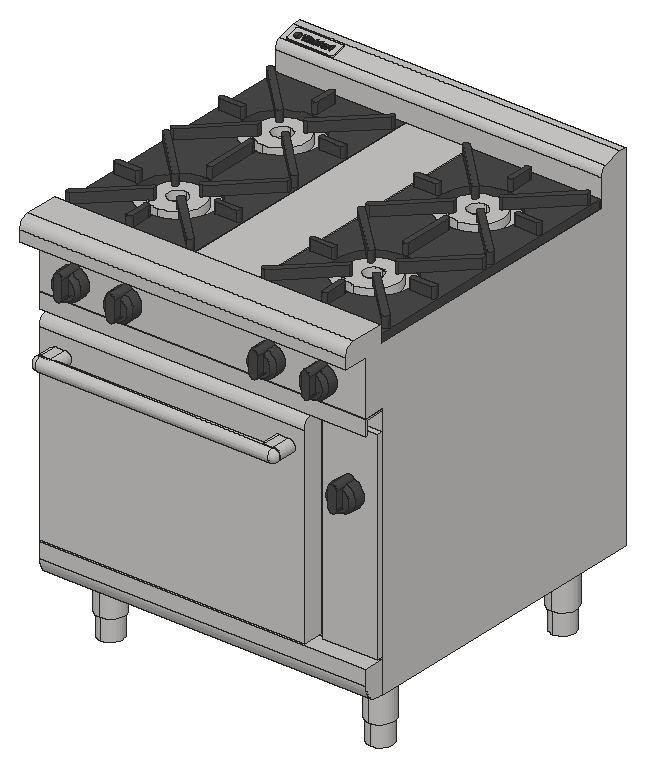
Revit family "QF_MOFFAT WALDORF_RNL8510G", category Specialty Equipment, Revit 2012 (continued)
Lines and regions (mm)
  symbolic lines
    curve 168: arc (327.576, -617.037, 0) -> (319.576, -625.037, 0) -> (327.576, -633.037, 0) r 8
    curve 169: arc (375, -633.037, 0) -> (383, -625.037, 0) -> (375, -617.037, 0) r 8
    curve 170: arc (375, -617.037, 0) -> (367, -625.037, 0) -> (375, -633.037, 0) r 8
    curve 171: arc (422.424, -633.037, 0) -> (430.424, -625.037, 0) -> (422.424, -617.037, 0) r 8
    curve 172: arc (422.424, -617.037, 0) -> (414.424, -625.037, 0) -> (422.424, -633.037, 0) r 8
    curve 173: arc (327.576, -667.037, 0) -> (335.576, -659.037, 0) -> (327.576, -651.037, 0) r 8
    curve 174: arc (327.576, -651.037, 0) -> (319.576, -659.037, 0) -> (327.576, -667.037, 0) r 8
    curve 175: arc (375, -667.037, 0) -> (383, -659.037, 0) -> (375, -651.037, 0) r 8
    curve 176: arc (375, -651.037, 0) -> (367, -659.037, 0) -> (375, -667.037, 0) r 8
    curve 177: arc (422.424, -667.037, 0) -> (430.424, -659.037, 0) -> (422.424, -651.037, 0) r 8
    curve 178: arc (422.424, -651.037, 0) -> (414.424, -659.037, 0) -> (422.424, -667.037, 0) r 8
    curve 179: arc (600, -180.5, 0) -> (657, -237.5, 0) -> (600, -294.5, 0) r 57
    curve 180: arc (600, -294.5, 0) -> (543, -237.5, 0) -> (600, -180.5, 0) r 57
    curve 181: arc (600, -480.5, 0) -> (657, -537.5, 0) -> (600, -594.5, 0) r 57
    curve 182: arc (600, -594.5, 0) -> (543, -537.5, 0) -> (600, -480.5, 0) r 57
    curve 183: line (744.158, -93.966, 0) -> (628.964, -209.16, 0)
    curve 184: line (600.012, -91.33, 0) -> (600.012, -152.5, 0)
    curve 185: line (745.74, -237.366, 0) -> (685.74, -237.366, 0)
    curve 186: line (628.879, -265.113, 0) -> (743.415, -379.648, 0)
    curve 187: line (572.204, -265.64, 0) -> (462.603, -375.241, 0)
    curve 188: line (600.012, -322.5, 0) -> (600.012, -440.603, 0)
    curve 189: line (573.212, -209.684, 0) -> (463.528, -100, 0)
    curve 190: line (744.158, -681.034, 0) -> (628.964, -565.84, 0)
    curve 191: line (599.967, -683.67, 0) -> (599.967, -622.768, 0)
    curve 192: line (745.74, -537.634, 0) -> (685.74, -537.634, 0)
    curve 193: line (628.879, -509.887, 0) -> (743.415, -395.352, 0)
    curve 194: line (572.204, -509.36, 0) -> (465.344, -402.5, 0)
    curve 195: line (573.212, -565.316, 0) -> (463.611, -674.918, 0)
    curve 196: line (750, -387.5, 0) -> (450, -387.5, 0)
    curve 197: line (454.26, -237.366, 0) -> (514.26, -237.366, 0)
    curve 198: line (454.26, -537.634, 0) -> (514.26, -537.634, 0)
    curve 199: line (295.74, -237.366, 0) -> (235.74, -237.366, 0)
    curve 200: line (295.74, -537.634, 0) -> (235.74, -537.634, 0)
    curve 201: line (474.77, -20.984, 0) -> (454.77, -20.984, 0)
    curve 202: line (454.77, -20.984, 0) -> (454.77, -50.782, 0)
    curve 203: line (454.77, -50.782, 0) -> (474.77, -50.782, 0)
    curve 204: line (474.77, -50.782, 0) -> (474.77, -20.984, 0)
    curve 205: line (502.399, -20.984, 0) -> (482.399, -20.984, 0)
    curve 206: line (482.399, -20.984, 0) -> (482.399, -50.782, 0)
    curve 207: line (482.399, -50.782, 0) -> (502.399, -50.782, 0)
    curve 208: line (502.399, -50.782, 0) -> (502.399, -20.984, 0)
    curve 209: line (529.814, -20.984, 0) -> (509.814, -20.984, 0)
    curve 210: line (509.814, -20.984, 0) -> (509.814, -50.782, 0)
    curve 211: line (509.814, -50.782, 0) -> (529.814, -50.782, 0)
    curve 212: line (529.814, -50.782, 0) -> (529.814, -20.984, 0)
    curve 213: line (557.228, -20.984, 0) -> (537.228, -20.984, 0)
    curve 214: line (537.228, -20.984, 0) -> (537.228, -50.782, 0)
    curve 215: line (537.228, -50.782, 0) -> (557.228, -50.782, 0)
    curve 216: line (557.228, -50.782, 0) -> (557.228, -20.984, 0)
    curve 217: line (584.643, -20.984, 0) -> (564.643, -20.984, 0)
    curve 218: line (564.643, -20.984, 0) -> (564.643, -50.782, 0)
    curve 219: line (564.643, -50.782, 0) -> (584.643, -50.782, 0)
    curve 220: line (584.643, -50.782, 0) -> (584.643, -20.984, 0)
    curve 221: line (612.058, -20.984, 0) -> (592.058, -20.984, 0)
    curve 222: line (592.058, -20.984, 0) -> (592.058, -50.782, 0)
    curve 223: line (592.058, -50.782, 0) -> (612.058, -50.782, 0)
    curve 224: line (612.058, -50.782, 0) -> (612.058, -20.984, 0)
    curve 228: line (300, -70, 0) -> (300, -704, 0)
    curve 229: line (450, -74, 0) -> (450, -701, 0)
    curve 230: arc (149.988, -152.5, 0) -> (234.988, -237.5, 0) -> (149.988, -322.5, 0) r 85
    curve 231: arc (149.988, -322.5, 0) -> (64.988, -237.5, 0) -> (149.988, -152.5, 0) r 85
    curve 232: arc (150.033, -452.768, 0) -> (235.033, -537.768, 0) -> (150.033, -622.768, 0) r 85
    curve 233: arc (150.033, -622.768, 0) -> (65.033, -537.768, 0) -> (150.033, -452.768, 0) r 85
    curve 234: arc (600.012, -322.5, 0) -> (515.012, -237.5, 0) -> (600.012, -152.5, 0) r 85
    curve 235: arc (600.012, -152.5, 0) -> (685.012, -237.5, 0) -> (600.012, -322.5, 0) r 85
    curve 236: arc (599.967, -622.768, 0) -> (514.967, -537.768, 0) -> (599.967, -452.768, 0) r 85
    curve 237: arc (599.967, -452.768, 0) -> (684.967, -537.768, 0) -> (599.967, -622.768, 0) r 85
    curve 238: arc (150, -515.5, 150) -> (172, -537.5, 150) -> (150, -559.5, 150) r 22
    curve 239: arc (150, -559.5, 150) -> (128, -537.5, 150) -> (150, -515.5, 150) r 22
    curve 240: arc (600, -559.5, 150) -> (578, -537.5, 150) -> (600, -515.5, 150) r 22
    curve 241: arc (600, -515.5, 150) -> (622, -537.5, 150) -> (600, -559.5, 150) r 22
    curve 242: arc (600, -259.5, 150) -> (578, -237.5, 150) -> (600, -215.5, 150) r 22
    curve 243: arc (600, -215.5, 150) -> (622, -237.5, 150) -> (600, -259.5, 150) r 22
    curve 244: arc (150, -215.5, 150) -> (172, -237.5, 150) -> (150, -259.5, 150) r 22
    curve 245: arc (150, -259.5, 150) -> (128, -237.5, 150) -> (150, -215.5, 150) r 22
  symbolic lines, visible <- "Show Logo"
    curve 5: line (12.5, -51.234, 0) -> (12.5, -20.958, 0)
    curve 6: line (12.5, -20.958, 0) -> (121.5, -20.958, 0)
    curve 7: line (12.5, -51.234, 0) -> (121.5, -51.234, 0)
    curve 8: line (121.5, -20.958, 0) -> (121.5, -51.234, 0)
  symbolic lines, style "QF_Door-Drawer Clearances", visible <- "Show Clearance"
    curve 225: line (0, -805, 0) -> (0, -1211.516, 0)
    curve 226: line (0, -1211.516, 0) -> (610, -1211.516, 0)
    curve 227: line (610, -1211.516, 0) -> (610, -805, 0)
Dimensions and locks
  equal spacing: plane 3 "LEFT", plane 7 "Center Y", plane 4 "RIGHT"
  plane 3 "LEFT" to plane 4 "RIGHT" = 750 mm
  equal spacing: plane 5 "FRONT", plane 8 "Center X", plane 1 "BACK"
  plane 5 "FRONT" to plane 1 "BACK" = 805 mm  (x2)
  equal spacing: plane 4 "RIGHT", plane 7 "Center Y", plane 3 "LEFT"
  plane 4 "RIGHT" to plane 3 "LEFT" = 750 mm
  plane 6 "TOP" to level = 970 mm  (x2)
  Extrusion 2 to level = 655 mm
  Extrusion 2 to plane 1 "BACK" = 32 mm
  Extrusion 1 to level = 915 mm
  plane 10 "Base Height" to level = 150 mm
  plane 6 "TOP" to plane 2 = 970 mm
  locked: plane 2 to Extrusion 1 sketch curve at 875
  locked: plane 2 to Extrusion 1 sketch curve at 915
  Extrusion 5 sketch curve to plane 11 = 64.8 mm
  locked: plane 13 to plane 4 "RIGHT" at 65
  plane 14 to Extrusion 11 sketch curve = 64.8 mm
  plane 1 "BACK" to plane 15 = 500 mm
  aligned and locked: level to plane 2
  aligned and locked: curve 3 to plane 4 "RIGHT"
  aligned and locked: Extrusion 5 to curve 48
  aligned and locked: Extrusion 1 to plane 4 "RIGHT"
  aligned and locked: Revolve 8 to plane 13  (x5)
  aligned and locked: Revolve 7 to plane 13
  aligned and locked: Extrusion 9 to Extrusion 5
Automatic sketch dimensions
  curve 30 to curve 31 = 0 mm  (x2)
  curve 32 to curve 33 = 0 mm  (x2)
  curve 77 to curve 78 = 0 mm  (x2)
  curve 79 to curve 80 = 0 mm  (x2)
  curve 81 to curve 82 = 0 mm  (x2)
  curve 83 to curve 84 = 0 mm  (x2)
  curve 85 to curve 86 = 0 mm  (x2)
  curve 87 to curve 88 = 0 mm  (x2)
  curve 89 to curve 90 = 0 mm  (x2)
  curve 91 to curve 92 = 0 mm  (x2)
  curve 93 to curve 94 = 0 mm  (x2)
  curve 95 to curve 96 = 0 mm  (x2)
  curve 97 to curve 98 = 0 mm  (x2)
  curve 99 to curve 100 = 0 mm  (x2)
  curve 101 to curve 102 = 0 mm  (x2)
  curve 103 to curve 104 = 0 mm  (x2)
  curve 105 to curve 106 = 0 mm  (x2)
  curve 107 to curve 108 = 0 mm  (x2)
  curve 109 to curve 110 = 0 mm  (x2)
  curve 111 to curve 112 = 0 mm  (x2)
  curve 113 to curve 114 = 0 mm  (x2)
  curve 115 to curve 116 = 0 mm  (x2)
  curve 117 to curve 118 = 0 mm  (x2)
  curve 119 to curve 120 = 0 mm  (x2)
  curve 121 to curve 122 = 0 mm  (x2)
  curve 123 to curve 124 = 0 mm  (x2)
  curve 125 to curve 126 = 0 mm  (x2)
  curve 127 to curve 128 = 0 mm  (x2)
  curve 129 to curve 130 = 0 mm  (x2)
  curve 131 to curve 132 = 0 mm  (x2)
  curve 133 to curve 134 = 0 mm  (x2)
  curve 135 to curve 136 = 0 mm  (x2)
  curve 137 to curve 138 = 0 mm  (x2)
  curve 139 to curve 140 = 0 mm  (x2)
  curve 141 to curve 142 = 0 mm  (x2)
  curve 143 to curve 144 = 0 mm  (x2)
  curve 145 to curve 146 = 0 mm  (x2)
  curve 147 to curve 148 = 0 mm  (x2)
  curve 149 to curve 150 = 0 mm  (x2)
  curve 151 to curve 152 = 0 mm  (x2)
  curve 153 to curve 154 = 0 mm  (x2)
  curve 155 to curve 156 = 0 mm  (x2)
  curve 157 to curve 158 = 0 mm  (x2)
  curve 159 to curve 160 = 0 mm  (x2)
  curve 161 to curve 162 = 0 mm  (x2)
  curve 163 to curve 164 = 0 mm  (x2)
  curve 165 to curve 166 = 0 mm  (x2)
  curve 167 to curve 168 = 0 mm  (x2)
  curve 169 to curve 170 = 0 mm  (x2)
  curve 171 to curve 172 = 0 mm  (x2)
  curve 173 to curve 174 = 0 mm  (x2)
  curve 175 to curve 176 = 0 mm  (x2)
  curve 177 to curve 178 = 0 mm  (x2)
  curve 179 to curve 180 = 0 mm  (x2)
  curve 181 to curve 182 = 0 mm  (x2)
  curve 230 to curve 231 = 0 mm  (x2)
  curve 232 to curve 233 = 0 mm  (x2)
  curve 234 to curve 235 = 0 mm  (x2)
  curve 236 to curve 237 = 0 mm  (x2)
  plane 1 "BACK" to curve 1 = 0 mm
  curve 1 to plane 3 "LEFT" = 0 mm
  curve 45 to plane 8 "Center X" = 0 mm
  curve 40 to plane 9 = 0 mm
  curve 109 to plane 7 "Center Y" = 0 mm
  curve 158 to plane 7 "Center Y" = 0 mm
  curve 103 to plane 7 "Center Y" = 0 mm
  curve 163 to plane 7 "Center Y" = 0 mm
  curve 115 to plane 7 "Center Y" = 0 mm
  curve 98 to plane 7 "Center Y" = 0 mm
  curve 92 to plane 7 "Center Y" = 0 mm
  curve 121 to plane 7 "Center Y" = 0 mm
  curve 152 to plane 7 "Center Y" = 0 mm
  curve 169 to plane 7 "Center Y" = 0 mm
  curve 127 to plane 7 "Center Y" = 0 mm
  curve 86 to plane 7 "Center Y" = 0 mm
  curve 80 to plane 7 "Center Y" = 0 mm
  curve 133 to plane 7 "Center Y" = 0 mm
  curve 146 to plane 7 "Center Y" = 0 mm
  curve 175 to plane 7 "Center Y" = 0 mm
  curve 139 to plane 7 "Center Y" = 0 mm
  curve 189 to plane 9 = 0 mm
  curve 194 to plane 8 "Center X" = 0 mm
  plane 5 "FRONT" to curve 227 = 0 mm
  plane 3 "LEFT" to curve 36 = 4.26 mm
  plane 3 "LEFT" to curve 43 = 4.26 mm
  plane 3 "LEFT" to curve 34 = 5.842 mm
  plane 3 "LEFT" to curve 41 = 5.842 mm
  plane 3 "LEFT" to curve 44 = 6.585 mm
  plane 3 "LEFT" to curve 37 = 6.585 mm
  plane 3 "LEFT" to curve 5 = 12.5 mm
  curve 36 to curve 36 = 60 mm
  curve 43 to curve 43 = 60 mm
  curve 43 to curve 41 = 56.776 mm
  curve 36 to curve 34 = 56.776 mm
  curve 34 to curve 37 = 0.085 mm
  curve 44 to plane 15 = 9.887 mm
  curve 41 to curve 44 = 0.085 mm
  plane 9 to curve 8 = 48.766 mm
  curve 5 to curve 8 = 109 mm
  curve 7 to curve 10 = 6.5 mm
  curve 10 to curve 13 = 20 mm
  curve 37 to curve 39 = 28.867 mm
  curve 39 to curve 31 = 0.012 mm
  curve 41 to curve 32 = 28.964 mm
  curve 33 to curve 42 = 0.033 mm
  curve 11 to curve 15 = 6.789 mm
  curve 14 to curve 17 = 20 mm
  curve 46 to plane 15 = 65.316 mm
  curve 233 to curve 46 = 26.755 mm
  curve 30 to curve 40 = 26.788 mm
  curve 30 to curve 38 = 27.796 mm
  curve 45 to plane 15 = 9.36 mm
  curve 32 to curve 45 = 27.796 mm
  curve 16 to curve 21 = 7.678 mm
  curve 18 to curve 18 = 20 mm
  curve 19 to curve 23 = 6.624 mm
  curve 23 to curve 24 = 20 mm
  curve 22 to curve 27 = 6.624 mm
  curve 38 to curve 199 = 57.944 mm
  curve 45 to curve 200 = 57.944 mm
  curve 27 to curve 29 = 20 mm
  curve 26 to curve 49 = 6.936 mm
  curve 49 to curve 49 = 20 mm
  curve 45 to curve 48 = 15.344 mm
  curve 46 to curve 228 = 13.611 mm
  curve 40 to curve 228 = 13.528 mm
  plane 8 "Center X" to curve 38 = 27.259 mm
  curve 38 to curve 48 = 12.603 mm
  curve 51 to curve 55 = 7.415 mm
  curve 200 to curve 200 = 60 mm
  curve 199 to curve 199 = 60 mm
  curve 54 to curve 55 = 20 mm
  curve 53 to curve 57 = 7.415 mm
  plane 15 to curve 144 = 10.963 mm
  curve 144 to curve 145 = 47.424 mm
  curve 161 to curve 163 = 47.424 mm
  curve 107 to curve 109 = 47.424 mm
  curve 138 to curve 143 = 0 mm
  curve 77 to plane 9 = 15.037 mm
  curve 40 to curve 77 = 41.104 mm
  curve 149 to curve 143 = 0 mm
  curve 132 to curve 137 = 0 mm
  curve 46 to curve 174 = 41.187 mm
  curve 83 to curve 77 = 0 mm
  plane 8 "Center X" to curve 126 = 7.463 mm
  curve 126 to curve 131 = 0 mm
  curve 89 to curve 83 = 0 mm
  curve 120 to curve 125 = 0 mm
  curve 168 to curve 173 = 0 mm
  curve 95 to curve 89 = 0 mm
  curve 155 to curve 161 = 0 mm
  curve 114 to curve 119 = 0 mm
  curve 101 to curve 95 = 0 mm
  curve 58 to curve 60 = 20 mm
  curve 57 to curve 62 = 7.415 mm
  curve 63 to plane 7 "Center Y" = 10.104 mm
  curve 65 to plane 7 "Center Y" = 2.689 mm
  plane 7 "Center Y" to curve 65 = 17.311 mm
  curve 65 to curve 70 = 7.415 mm
  curve 70 to curve 71 = 20 mm
  plane 15 to curve 147 = 2.963 mm
  plane 7 "Center Y" to curve 147 = 47.424 mm
  curve 135 to plane 8 "Center X" = 18.537 mm
  plane 7 "Center Y" to curve 135 = 47.424 mm
  plane 8 "Center X" to curve 130 = 7.463 mm
  curve 130 to curve 135 = 0 mm
  curve 124 to curve 129 = 0 mm
  curve 153 to curve 147 = 0 mm
  curve 118 to curve 123 = 0 mm
  curve 112 to curve 117 = 0 mm
  curve 159 to curve 153 = 0 mm
  curve 106 to curve 111 = 0 mm
  curve 100 to curve 105 = 0 mm
  curve 165 to curve 159 = 0 mm
  curve 94 to curve 99 = 0 mm
  curve 88 to curve 93 = 0 mm
  curve 171 to curve 165 = 0 mm
  curve 82 to curve 87 = 0 mm
  curve 141 to curve 147 = 0 mm
  curve 177 to curve 171 = 0 mm
  curve 69 to curve 73 = 7.415 mm
  curve 73 to curve 76 = 20 mm
  curve 75 to curve 229 = 2.86 mm
  curve 105 to curve 197 = 31.836 mm
  curve 153 to curve 198 = 31.836 mm
  curve 75 to curve 203 = 7.629 mm
  plane 8 "Center X" to curve 187 = 27.259 mm
  curve 196 to curve 187 = 12.603 mm
  curve 229 to curve 189 = 13.528 mm
  curve 229 to curve 195 = 13.611 mm
  curve 196 to curve 194 = 15.344 mm
  curve 201 to curve 204 = 20 mm
  curve 203 to curve 206 = 7.629 mm
  curve 206 to curve 207 = 20 mm
  curve 205 to curve 210 = 7.415 mm
  curve 198 to curve 198 = 60 mm
  curve 197 to curve 197 = 60 mm
  curve 210 to curve 211 = 20 mm
  curve 209 to curve 213 = 7.415 mm
  curve 214 to curve 215 = 20 mm
  curve 213 to curve 218 = 7.415 mm
  curve 194 to plane 15 = 9.36 mm
  curve 194 to plane 12 = 47.796 mm
  curve 187 to plane 12 = 47.796 mm
  curve 195 to plane 12 = 46.788 mm
  curve 189 to plane 12 = 46.788 mm
  curve 217 to curve 217 = 20 mm
  curve 219 to curve 223 = 7.415 mm
  curve 227 to plane 12 = 10 mm
  curve 236 to plane 12 = 20.033 mm
  curve 180 to plane 12 = 20 mm
  curve 181 to plane 12 = 20 mm
  curve 180 to curve 234 = 0.012 mm
  curve 224 to plane 12 = 7.942 mm
  plane 12 to curve 193 = 8.879 mm
  plane 12 to curve 186 = 8.879 mm
  plane 12 to curve 190 = 8.964 mm
  plane 12 to curve 183 = 8.964 mm
  curve 192 to plane 13 = 0.74 mm
  curve 185 to plane 13 = 0.74 mm
  plane 4 "RIGHT" to curve 193 = 6.585 mm
  plane 4 "RIGHT" to curve 186 = 6.585 mm
  plane 4 "RIGHT" to curve 183 = 5.842 mm
  plane 4 "RIGHT" to curve 190 = 5.842 mm
  plane 4 "RIGHT" to curve 192 = 4.26 mm
  plane 4 "RIGHT" to curve 185 = 4.26 mm
  curve 226 to curve 1 = 406.516 mm
  curve 9 to plane 5 "FRONT" = 100 mm
  curve 228 to plane 5 "FRONT" = 101 mm
  curve 229 to plane 5 "FRONT" = 104 mm
  curve 42 to plane 5 "FRONT" = 121.33 mm
  curve 191 to plane 5 "FRONT" = 121.33 mm
  curve 9 to curve 190 = 23.966 mm
  curve 9 to curve 41 = 23.966 mm
  curve 228 to curve 46 = 29.082 mm
  curve 229 to curve 195 = 26.082 mm
  curve 229 to curve 175 = 33.963 mm
  curve 46 to curve 173 = 7.88 mm
  curve 195 to curve 178 = 7.88 mm
  curve 173 to curve 173 = 8 mm
  curve 175 to curve 176 = 8 mm
  curve 177 to curve 177 = 8 mm
  curve 173 to curve 168 = 18 mm
  curve 175 to curve 170 = 18 mm
  curve 177 to curve 172 = 18 mm
  curve 171 to curve 171 = 8 mm
  curve 169 to curve 170 = 8 mm
  curve 167 to curve 168 = 8 mm
  curve 191 to curve 237 = 60.902 mm
  curve 42 to curve 233 = 60.902 mm
  curve 171 to curve 165 = 18 mm
  curve 169 to curve 163 = 18 mm
  curve 167 to curve 162 = 18 mm
  curve 42 to curve 33 = 28.268 mm
  curve 191 to curve 182 = 28.268 mm
  curve 163 to curve 164 = 8 mm
  curve 165 to curve 166 = 8 mm
  curve 161 to curve 162 = 8 mm
  curve 181 to curve 190 = 28.66 mm
  curve 32 to curve 41 = 28.66 mm
  curve 182 to curve 195 = 29.184 mm
  curve 161 to curve 156 = 18 mm
  curve 163 to curve 157 = 18 mm
  curve 165 to curve 159 = 18 mm
  curve 157 to curve 158 = 8 mm
  curve 159 to curve 159 = 8 mm
  curve 155 to curve 156 = 8 mm
  curve 237 to plane 15 = 37.768 mm
  curve 233 to plane 15 = 37.768 mm
  curve 155 to curve 200 = 11.403 mm
  curve 198 to plane 15 = 37.634 mm
  curve 192 to plane 15 = 37.634 mm
  curve 43 to plane 15 = 37.634 mm
  curve 232 to curve 32 = 0.268 mm
  curve 237 to curve 182 = 0.268 mm
  curve 155 to curve 149 = 18 mm
  curve 159 to curve 154 = 18 mm
  curve 157 to curve 151 = 18 mm
  curve 151 to curve 152 = 8 mm
  curve 153 to curve 154 = 8 mm
  curve 149 to curve 150 = 8 mm
  curve 193 to plane 15 = 9.887 mm
  plane 15 to curve 143 = 2.963 mm
  plane 15 to curve 146 = 2.963 mm
  curve 145 to curve 145 = 8 mm
  curve 147 to curve 148 = 8 mm
  curve 147 to curve 142 = 18 mm
  curve 145 to curve 140 = 18 mm
  curve 143 to curve 138 = 18 mm
  curve 141 to curve 142 = 8 mm
  curve 139 to curve 140 = 8 mm
  curve 137 to curve 137 = 8 mm
  curve 236 to curve 188 = 12.165 mm
  curve 232 to curve 39 = 12.165 mm
  curve 137 to curve 131 = 18 mm
  curve 139 to curve 133 = 18 mm
  curve 135 to curve 135 = 8 mm
  curve 133 to curve 133 = 8 mm
  curve 131 to curve 131 = 8 mm
  plane 8 "Center X" to curve 44 = 7.148 mm
  plane 8 "Center X" to curve 193 = 7.148 mm
  plane 8 "Center X" to curve 127 = 7.463 mm
  plane 8 "Center X" to curve 48 = 15 mm
  curve 193 to curve 196 = 7.852 mm
  curve 125 to curve 126 = 8 mm
  curve 127 to curve 128 = 8 mm
  curve 129 to curve 129 = 8 mm
  curve 196 to curve 186 = 7.852 mm
  curve 48 to curve 37 = 7.852 mm
  curve 129 to curve 124 = 18 mm
  curve 125 to curve 119 = 18 mm
  curve 127 to curve 122 = 18 mm
  curve 123 to curve 124 = 8 mm
  curve 121 to curve 122 = 8 mm
  curve 119 to curve 120 = 8 mm
  curve 119 to curve 114 = 18 mm
  curve 121 to curve 116 = 18 mm
  curve 123 to curve 117 = 18 mm
  plane 8 "Center X" to curve 231 = 80 mm
  plane 8 "Center X" to curve 188 = 80 mm
  curve 117 to curve 118 = 8 mm
  curve 113 to curve 114 = 8 mm
  curve 115 to curve 115 = 8 mm
  curve 188 to curve 179 = 28 mm
  curve 39 to curve 31 = 28 mm
  curve 117 to curve 112 = 18 mm
  curve 113 to curve 108 = 18 mm
  curve 115 to curve 110 = 18 mm
  curve 109 to curve 109 = 8 mm
  curve 111 to curve 112 = 8 mm
  curve 107 to curve 108 = 8 mm
  curve 180 to curve 187 = 28.86 mm
  curve 30 to curve 38 = 28.86 mm
  curve 179 to curve 186 = 29.387 mm
  curve 30 to curve 37 = 29.387 mm
  curve 111 to curve 106 = 18 mm
  curve 107 to curve 101 = 18 mm
  curve 109 to curve 103 = 18 mm
  curve 101 to curve 102 = 8 mm
  curve 103 to curve 103 = 8 mm
  curve 105 to curve 106 = 8 mm
  curve 38 to curve 31 = 28.14 mm
  curve 187 to curve 179 = 28.14 mm
  curve 180 to curve 235 = 0 mm
  curve 31 to curve 231 = 0 mm
  curve 37 to curve 36 = 27.747 mm
  curve 105 to curve 197 = 5.671 mm
  curve 186 to curve 185 = 27.747 mm
  curve 101 to curve 199 = 5.671 mm
  curve 103 to curve 97 = 18 mm
  curve 105 to curve 99 = 18 mm
  curve 101 to curve 96 = 18 mm
  curve 95 to curve 95 = 8 mm
  curve 99 to curve 100 = 8 mm
  curve 97 to curve 98 = 8 mm
  curve 179 to curve 189 = 27.816 mm
  curve 30 to curve 40 = 27.816 mm
  curve 230 to curve 34 = 28.34 mm
  curve 234 to curve 183 = 28.34 mm
  curve 95 to curve 89 = 18 mm
  curve 97 to curve 92 = 18 mm
  curve 99 to curve 93 = 18 mm
  curve 91 to curve 91 = 8 mm
  curve 89 to curve 90 = 8 mm
  curve 93 to curve 94 = 8 mm
  curve 93 to curve 87 = 18 mm
  curve 91 to curve 85 = 18 mm
  curve 89 to curve 83 = 18 mm
  curve 85 to curve 85 = 8 mm
  curve 83 to curve 84 = 8 mm
  curve 87 to curve 88 = 8 mm
  curve 85 to curve 80 = 18 mm
  curve 78 to curve 77 = 8 mm
  curve 87 to curve 81 = 18 mm
  curve 79 to curve 80 = 8 mm
  curve 81 to curve 82 = 8 mm
  plane 9 to curve 183 = 6.034 mm
  plane 9 to curve 34 = 6.034 mm
  plane 9 to curve 184 = 8.67 mm
  plane 9 to curve 35 = 8.67 mm
  plane 9 to curve 229 = 26 mm
  curve 47 to curve 5 = 18.766 mm
  curve 184 to curve 219 = 40.547 mm
  curve 219 to curve 222 = 0 mm
  curve 228 to curve 50 = 19.218 mm
  curve 7 to curve 13 = 0.452 mm
  curve 51 to curve 54 = 0 mm
  curve 55 to curve 58 = 0 mm
  curve 29 to curve 50 = 0 mm
  curve 59 to curve 62 = 0 mm
  curve 216 to curve 218 = 0 mm
  curve 25 to curve 27 = 0 mm
  curve 63 to curve 66 = 0 mm
  curve 67 to curve 70 = 0 mm
  curve 71 to curve 74 = 0 mm
  curve 212 to curve 214 = 0 mm
  curve 21 to curve 23 = 0 mm
  curve 208 to curve 210 = 0 mm
  curve 12 to curve 17 = 0 mm
  curve 204 to curve 206 = 0 mm
  plane 1 "BACK" to curve 202 = 20.984 mm
  plane 1 "BACK" to curve 14 = 20.984 mm
  plane 1 "BACK" to curve 205 = 20.984 mm
  curve 15 to curve 18 = 0 mm
  plane 1 "BACK" to curve 209 = 20.984 mm
  plane 1 "BACK" to curve 22 = 20.984 mm
  plane 1 "BACK" to curve 213 = 20.984 mm
  plane 1 "BACK" to curve 26 = 20.984 mm
  plane 1 "BACK" to curve 217 = 20.984 mm
  plane 1 "BACK" to curve 49 = 20.984 mm
  plane 1 "BACK" to curve 221 = 20.984 mm
  plane 1 "BACK" to curve 53 = 20.984 mm
  plane 1 "BACK" to curve 57 = 20.984 mm
  curve 12 to curve 14 = 0 mm
  plane 1 "BACK" to curve 61 = 20.984 mm
  plane 1 "BACK" to curve 65 = 20.984 mm
  curve 76 to curve 201 = 0 mm
  curve 69 to curve 73 = 0 mm
  curve 10 to curve 6 = 0.026 mm
  Extrusion 1 sketch curve to plane 5 "FRONT" = 0 mm
  Extrusion 1 sketch curve to plane 10 "Base Height" = 0 mm  (x2)
  Extrusion 1 sketch curve to plane 6 "TOP" = 0 mm
  Extrusion 1 sketch curve to plane 1 "BACK" = 0 mm
  Extrusion 1 sketch curve to plane 5 "FRONT" = 24 mm
  Extrusion 1 sketch curve to plane 5 "FRONT" = 56 mm  (x2)
  Extrusion 1 sketch curve to Extrusion 1 sketch curve = 0 mm  (x2)
  Extrusion 1 sketch curve to Extrusion 1 sketch curve = 3.02 mm
  Extrusion 1 sketch curve to Extrusion 1 sketch curve = 23.174 mm
  Extrusion 1 sketch curve to Extrusion 1 sketch curve = 38 mm
  Extrusion 1 sketch curve to Extrusion 1 sketch curve = 44 mm
  Extrusion 1 sketch curve to Extrusion 1 sketch curve = 10 mm
  Extrusion 1 sketch curve to Extrusion 1 sketch curve = 44.98 mm
  Extrusion 1 sketch curve to Extrusion 1 sketch curve = 21.805 mm
  Extrusion 1 sketch curve to Extrusion 1 sketch curve = 2 mm  (x2)
  plane 9 to Extrusion 1 sketch curve = 30 mm
  Extrusion 1 sketch curve to plane 6 "TOP" = 11.31 mm
  Extrusion 1 sketch curve to Extrusion 1 sketch curve = 11.291 mm  (x2)
  plane 1 "BACK" to Extrusion 1 sketch curve = 16.5 mm
  Extrusion 1 sketch curve to Extrusion 1 sketch curve = 34.5 mm
  Extrusion 1 sketch curve to Extrusion 1 sketch curve = 5 mm
  Extrusion 1 sketch curve to Extrusion 1 sketch curve = 208.695 mm
  Extrusion 1 sketch curve to Extrusion 1 sketch curve = 10.5 mm
  Extrusion 1 sketch curve to Extrusion 1 sketch curve = 42.5 mm
  Extrusion 1 sketch curve to Extrusion 1 sketch curve = 3 mm
  Extrusion 1 sketch curve to Extrusion 1 sketch curve = 25 mm
  plane 12 to Extrusion 2 sketch curve = 0.062 mm
  plane 1 "BACK" to Extrusion 2 sketch curve = 32 mm
  Extrusion 1 to Split face 1 sketch curve = 5.177 mm
  Split face 1 sketch curve to Extrusion 1 = 9.153 mm
  Split face 1 sketch curve to Extrusion 1 = 128 mm
  Split face 1 sketch curve to Split face 1 sketch curve = 20 mm
  Extrusion 1 to Split face 2 sketch curve = 5.177 mm
  Split face 2 sketch curve to Extrusion 1 = 9.153 mm
  Split face 2 sketch curve to Extrusion 1 = 154.789 mm
  Split face 2 sketch curve to Split face 2 sketch curve = 20 mm
  Extrusion 1 to Split face 3 sketch curve = 5.177 mm
  Split face 3 sketch curve to Extrusion 1 = 9.153 mm
  Split face 3 sketch curve to Extrusion 1 = 182.467 mm
  Split face 3 sketch curve to Split face 3 sketch curve = 20 mm
  Extrusion 1 to Split face 4 sketch curve = 5.177 mm
  Split face 4 sketch curve to Extrusion 1 = 9.153 mm
  Split face 4 sketch curve to Extrusion 1 = 209.091 mm
  Split face 4 sketch curve to Split face 4 sketch curve = 20 mm
  Extrusion 1 to Split face 5 sketch curve = 5.177 mm
  Split face 5 sketch curve to Extrusion 1 = 9.153 mm
  Split face 5 sketch curve to Extrusion 1 = 235.715 mm
  Split face 5 sketch curve to Split face 5 sketch curve = 20 mm
  Extrusion 1 to Split face 6 sketch curve = 5.177 mm
  Split face 6 sketch curve to Extrusion 1 = 9.153 mm
  Split face 6 sketch curve to Extrusion 1 = 262.866 mm
  Split face 6 sketch curve to Split face 6 sketch curve = 20 mm
  Extrusion 1 to Split face 7 sketch curve = 5.177 mm
  Split face 7 sketch curve to Extrusion 1 = 9.153 mm
  Split face 7 sketch curve to Extrusion 1 = 290.281 mm
  Split face 7 sketch curve to Split face 7 sketch curve = 20 mm
  Revolve 3 sketch curve to plane 10 "Base Height" = 0 mm
  Revolve 3 sketch curve to level = 0 mm
  Revolve 3 sketch curve to plane 9 = 0 mm  (x2)
  Revolve 3 sketch curve to Revolve 3 sketch curve = 27.5 mm
  Revolve 3 sketch curve to Revolve 3 sketch curve = 31.75 mm
  Revolve 3 sketch curve to Revolve 3 sketch curve = 55 mm
  level to Revolve 3 sketch curve = 50 mm
  Revolve 3 sketch curve to Revolve 3 sketch curve = 0 mm
  Revolve 4 sketch curve to plane 10 "Base Height" = 0 mm
  Revolve 4 sketch curve to level = 0 mm
  level to Revolve 4 sketch curve = 50 mm
  Revolve 4 sketch curve to plane 5 "FRONT" = 148.25 mm
  Revolve 4 sketch curve to Revolve 4 sketch curve = 4.25 mm
  Revolve 4 sketch curve to Revolve 4 sketch curve = 27.5 mm  (x2)
  Revolve 4 sketch curve to Revolve 4 sketch curve = 55 mm
  Revolve 4 sketch curve to Revolve 4 sketch curve = 0 mm
  plane 9 to Extrusion 5 sketch curve = 29 mm
  Extrusion 5 sketch curve to Extrusion 5 sketch curve = 3 mm  (x3)
  Extrusion 5 sketch curve to plane 5 "FRONT" = 104 mm  (x2)
  Extrusion 5 sketch curve to plane 11 = 84.2 mm  (x2)
  Extrusion 5 sketch curve to plane 7 "Center Y" = 78 mm
  Extrusion 6 sketch curve to Extrusion 5 = 22.602 mm  (x4)
  Extrusion 6 sketch curve to Extrusion 5 = 24.093 mm  (x2)
  Extrusion 6 sketch curve to Extrusion 6 sketch curve = 4.525 mm  (x32)
  Extrusion 6 sketch curve to Extrusion 6 sketch curve = 48.456 mm  (x8)
  Extrusion 6 sketch curve to Extrusion 6 sketch curve = 57.976 mm  (x2)
  Extrusion 6 sketch curve to Extrusion 6 sketch curve = 0 mm  (x9)
  Extrusion 6 sketch curve to Extrusion 6 sketch curve = 20.39 mm  (x4)
  Extrusion 6 sketch curve to Extrusion 6 sketch curve = 6.4 mm  (x14)
  Extrusion 6 sketch curve to Extrusion 6 sketch curve = 53.847 mm  (x16)
  Extrusion 6 sketch curve to Extrusion 6 sketch curve = 55.923 mm  (x4)
  Extrusion 6 sketch curve to Extrusion 5 = 5.102 mm  (x4)
  Extrusion 6 sketch curve to Extrusion 6 sketch curve = 128.581 mm  (x4)
  Extrusion 6 sketch curve to Extrusion 5 = 6.102 mm  (x2)
  Extrusion 6 sketch curve to Extrusion 5 = 15.153 mm  (x2)
  Extrusion 6 sketch curve to Extrusion 6 sketch curve = 12.205 mm  (x4)
  Extrusion 5 to Extrusion 6 sketch curve = 165.153 mm
  Extrusion 6 sketch curve to Extrusion 6 sketch curve = 116.204 mm  (x2)
  Extrusion 6 sketch curve to Extrusion 6 sketch curve = 20.658 mm  (x4)
  Extrusion 6 sketch curve to Extrusion 5 = 9.156 mm  (x2)
  Extrusion 6 sketch curve to Extrusion 6 sketch curve = 55.169 mm  (x2)
  Extrusion 6 sketch curve to Extrusion 5 = 31.653 mm  (x4)
  Extrusion 6 sketch curve to Extrusion 5 = 26.9 mm  (x2)
  Extrusion 6 sketch curve to Extrusion 6 sketch curve = 55.413 mm  (x4)
  Extrusion 6 sketch curve to Extrusion 6 sketch curve = 20.524 mm  (x6)
  Extrusion 6 sketch curve to Extrusion 5 = 58.364 mm  (x2)
  Extrusion 6 sketch curve to Extrusion 5 = 9.908 mm  (x2)
  Extrusion 6 sketch curve to Extrusion 6 sketch curve = 9.051 mm
  Extrusion 5 to Extrusion 6 sketch curve = 156.102 mm  (x2)
  Extrusion 6 sketch curve to Extrusion 6 sketch curve = 3.806 mm  (x2)
  Extrusion 6 sketch curve to Extrusion 6 sketch curve = 55.661 mm  (x2)
  Extrusion 6 sketch curve to Extrusion 6 sketch curve = 128.447 mm  (x3)
  Revolve 7 sketch curve to plane 10 "Base Height" = 0 mm
  Revolve 7 sketch curve to level = 0 mm
  Revolve 7 sketch curve to plane 9 = 0 mm  (x2)
  Revolve 7 sketch curve to Revolve 7 sketch curve = 27.5 mm
  Revolve 7 sketch curve to Revolve 7 sketch curve = 31.75 mm
  level to Revolve 7 sketch curve = 50 mm
  Revolve 7 sketch curve to Revolve 7 sketch curve = 0 mm
  Revolve 7 sketch curve to Revolve 7 sketch curve = 55 mm
  Revolve 8 sketch curve to plane 10 "Base Height" = 0 mm
  Revolve 8 sketch curve to level = 0 mm
  level to Revolve 8 sketch curve = 50 mm
  Revolve 8 sketch curve to plane 5 "FRONT" = 148.25 mm
  Revolve 8 sketch curve to Revolve 8 sketch curve = 4.25 mm
  Revolve 8 sketch curve to Revolve 8 sketch curve = 27.5 mm  (x2)
  Revolve 8 sketch curve to Revolve 8 sketch curve = 0 mm
  Revolve 8 sketch curve to Revolve 8 sketch curve = 55 mm
  Extrusion 1 to Split face 8 sketch curve = 5.177 mm
  Split face 8 sketch curve to Extrusion 1 = 9.153 mm
  Split face 8 sketch curve to Extrusion 1 = 317.696 mm
  Split face 8 sketch curve to Split face 8 sketch curve = 20 mm
  Extrusion 1 to Split face 9 sketch curve = 5.177 mm
  Split face 9 sketch curve to Extrusion 1 = 9.153 mm
  Split face 9 sketch curve to Extrusion 1 = 345.11 mm
  Split face 9 sketch curve to Split face 9 sketch curve = 20 mm
  Extrusion 1 to Split face 10 sketch curve = 5.177 mm
  Split face 10 sketch curve to Extrusion 1 = 9.153 mm
  Split face 10 sketch curve to Extrusion 1 = 372.525 mm
  Split face 10 sketch curve to Split face 10 sketch curve = 20 mm
  Extrusion 1 to Split face 11 sketch curve = 5.177 mm
  Split face 11 sketch curve to Extrusion 1 = 9.153 mm
  Split face 11 sketch curve to Extrusion 1 = 350.06 mm
  Split face 11 sketch curve to Split face 11 sketch curve = 20 mm
  Extrusion 1 to Split face 12 sketch curve = 5.177 mm
  Split face 12 sketch curve to Extrusion 1 = 9.153 mm
  Split face 12 sketch curve to Extrusion 1 = 322.645 mm
  Split face 12 sketch curve to Split face 12 sketch curve = 20 mm
  Extrusion 1 to Split face 13 sketch curve = 5.177 mm
  Split face 13 sketch curve to Extrusion 1 = 9.153 mm
  Split face 13 sketch curve to Extrusion 1 = 295.23 mm
  Split face 13 sketch curve to Split face 13 sketch curve = 20 mm
  Extrusion 1 to Split face 14 sketch curve = 5.177 mm
  Split face 14 sketch curve to Extrusion 1 = 9.153 mm
  Split face 14 sketch curve to Extrusion 1 = 267.816 mm
  Split face 14 sketch curve to Split face 14 sketch curve = 20 mm
  Extrusion 1 to Split face 15 sketch curve = 5.177 mm
  Split face 15 sketch curve to Extrusion 1 = 9.153 mm
  Split face 15 sketch curve to Extrusion 1 = 240.401 mm
  Split face 15 sketch curve to Split face 15 sketch curve = 20 mm
  Extrusion 1 to Split face 16 sketch curve = 5.177 mm
  Split face 16 sketch curve to Extrusion 1 = 9.153 mm
  Split face 16 sketch curve to Extrusion 1 = 212.986 mm
  Split face 16 sketch curve to Split face 16 sketch curve = 20 mm
  Extrusion 1 to Split face 17 sketch curve = 5.177 mm
  Split face 17 sketch curve to Extrusion 1 = 9.153 mm
  Split face 17 sketch curve to Extrusion 1 = 185.571 mm
  Split face 17 sketch curve to Split face 17 sketch curve = 20 mm
  Extrusion 1 to Split face 18 sketch curve = 5.177 mm
  Split face 18 sketch curve to Extrusion 1 = 9.153 mm
  Split face 18 sketch curve to Extrusion 1 = 158.157 mm
  Split face 18 sketch curve to Split face 18 sketch curve = 20 mm
  Extrusion 1 to Extrusion 9 sketch curve = 0 mm
  Extrusion 9 sketch curve to Extrusion 1 = 1 mm
  Extrusion 1 to Extrusion 9 sketch curve = 300 mm
  Extrusion 9 sketch curve to Extrusion 9 sketch curve = 150 mm
  Extrusion 10 sketch curve to Extrusion 1 = 0 mm
  Extrusion 1 to Extrusion 10 sketch curve = 26.195 mm
  Extrusion 10 sketch curve to Extrusion 1 = 125 mm
  Extrusion 10 sketch curve to Extrusion 10 sketch curve = 15 mm
  Split face 19 sketch curve to Extrusion 9 = 45.037 mm
  Split face 19 sketch curve to Extrusion 9 = 27.576 mm
  Split face 20 sketch curve to Extrusion 9 = 45.037 mm
  Split face 20 sketch curve to Extrusion 9 = 75 mm
  Split face 21 sketch curve to Extrusion 9 = 45.037 mm
  Split face 21 sketch curve to Extrusion 9 = 27.576 mm
  Split face 22 sketch curve to Extrusion 9 = 27.576 mm
  Split face 22 sketch curve to Extrusion 9 = 79.037 mm
  Split face 23 sketch curve to Extrusion 9 = 79.037 mm
  Split face 23 sketch curve to Extrusion 9 = 75 mm
  Split face 24 sketch curve to Extrusion 9 = 27.576 mm
  Split face 24 sketch curve to Extrusion 9 = 79.037 mm
  Split face 25 sketch curve to Extrusion 9 = 27.576 mm
  Split face 25 sketch curve to Extrusion 9 = 113.037 mm
  Split face 26 sketch curve to Extrusion 9 = 113.037 mm
  Split face 26 sketch curve to Extrusion 9 = 75 mm
  Split face 27 sketch curve to Extrusion 9 = 27.576 mm
  Split face 27 sketch curve to Extrusion 9 = 113.037 mm
  Split face 28 sketch curve to Extrusion 9 = 27.576 mm
  Split face 28 sketch curve to Extrusion 9 = 147.037 mm
  Split face 29 sketch curve to Extrusion 9 = 147.037 mm
  Split face 29 sketch curve to Extrusion 9 = 75 mm
  Split face 30 sketch curve to Extrusion 9 = 27.576 mm
  Split face 30 sketch curve to Extrusion 9 = 147.037 mm
  Split face 31 sketch curve to Extrusion 9 = 27.576 mm
  Split face 31 sketch curve to Extrusion 9 = 181.037 mm
  Split face 32 sketch curve to Extrusion 9 = 75 mm
  Split face 32 sketch curve to Extrusion 9 = 181.037 mm
  Split face 33 sketch curve to Extrusion 9 = 27.576 mm
  Split face 33 sketch curve to Extrusion 9 = 181.037 mm
  Split face 34 sketch curve to Extrusion 9 = 27.576 mm
  Split face 34 sketch curve to Extrusion 9 = 215.037 mm
  Split face 35 sketch curve to Extrusion 9 = 75 mm
  Split face 35 sketch curve to Extrusion 9 = 215.037 mm
  Split face 36 sketch curve to Extrusion 9 = 27.576 mm
  Split face 36 sketch curve to Extrusion 9 = 215.037 mm
  Split face 37 sketch curve to Extrusion 9 = 27.576 mm
  Split face 37 sketch curve to Extrusion 9 = 249.037 mm
  Split face 38 sketch curve to Extrusion 9 = 75 mm
  Split face 38 sketch curve to Extrusion 9 = 249.037 mm
  Split face 39 sketch curve to Extrusion 9 = 27.576 mm
  Split face 39 sketch curve to Extrusion 9 = 249.037 mm
  Split face 40 sketch curve to Extrusion 9 = 27.576 mm
  Split face 40 sketch curve to Extrusion 9 = 283.037 mm
  Split face 41 sketch curve to Extrusion 9 = 75 mm
  Split face 41 sketch curve to Extrusion 9 = 283.037 mm
  Split face 42 sketch curve to Extrusion 9 = 27.576 mm
  Split face 42 sketch curve to Extrusion 9 = 283.037 mm
  Split face 43 sketch curve to Extrusion 9 = 27.576 mm
  Split face 43 sketch curve to Extrusion 9 = 316.963 mm
  Split face 44 sketch curve to Extrusion 9 = 75 mm
  Split face 44 sketch curve to Extrusion 9 = 316.963 mm
  Split face 45 sketch curve to Extrusion 9 = 27.576 mm
  Split face 45 sketch curve to Extrusion 9 = 316.963 mm
  Split face 46 sketch curve to Extrusion 9 = 27.576 mm
  Split face 46 sketch curve to Extrusion 9 = 282.963 mm
  Split face 47 sketch curve to Extrusion 9 = 75 mm
  Split face 47 sketch curve to Extrusion 9 = 282.963 mm
  Split face 48 sketch curve to Extrusion 9 = 27.576 mm
  Split face 48 sketch curve to Extrusion 9 = 282.963 mm
  Split face 49 sketch curve to Extrusion 9 = 27.576 mm
  Split face 49 sketch curve to Extrusion 9 = 248.963 mm
  Split face 50 sketch curve to Extrusion 9 = 75 mm
  Split face 50 sketch curve to Extrusion 9 = 248.963 mm
  Split face 51 sketch curve to Extrusion 9 = 27.576 mm
  Split face 51 sketch curve to Extrusion 9 = 248.963 mm
  Split face 52 sketch curve to Extrusion 9 = 27.576 mm
  Split face 52 sketch curve to Extrusion 9 = 214.963 mm
  Split face 53 sketch curve to Extrusion 9 = 75 mm
  Split face 53 sketch curve to Extrusion 9 = 214.963 mm
  Split face 54 sketch curve to Extrusion 9 = 27.576 mm
  Split face 54 sketch curve to Extrusion 9 = 214.963 mm
  Split face 55 sketch curve to Extrusion 9 = 27.576 mm
  Split face 55 sketch curve to Extrusion 9 = 180.963 mm
  Split face 56 sketch curve to Extrusion 9 = 75 mm
  Split face 56 sketch curve to Extrusion 9 = 180.963 mm
  Split face 57 sketch curve to Extrusion 9 = 27.576 mm
  Split face 57 sketch curve to Extrusion 9 = 180.963 mm
  Split face 58 sketch curve to Extrusion 9 = 27.576 mm
  Split face 58 sketch curve to Extrusion 9 = 146.963 mm
  Split face 59 sketch curve to Extrusion 9 = 146.963 mm
  Split face 59 sketch curve to Extrusion 9 = 75 mm
  Split face 60 sketch curve to Extrusion 9 = 27.576 mm
  Split face 60 sketch curve to Extrusion 9 = 146.963 mm
  Split face 61 sketch curve to Extrusion 9 = 27.576 mm
  Split face 61 sketch curve to Extrusion 9 = 112.963 mm
  Split face 62 sketch curve to Extrusion 9 = 112.963 mm
  Split face 62 sketch curve to Extrusion 9 = 75 mm
  Split face 63 sketch curve to Extrusion 9 = 27.576 mm
  Split face 63 sketch curve to Extrusion 9 = 112.963 mm
  Split face 64 sketch curve to Extrusion 9 = 27.576 mm
  Split face 64 sketch curve to Extrusion 9 = 78.963 mm
  Split face 65 sketch curve to Extrusion 9 = 78.963 mm
  Split face 65 sketch curve to Extrusion 9 = 75 mm
  Split face 66 sketch curve to Extrusion 9 = 27.576 mm
  Split face 66 sketch curve to Extrusion 9 = 78.963 mm
  Split face 67 sketch curve to Extrusion 9 = 44.963 mm
  Split face 67 sketch curve to Extrusion 9 = 27.576 mm
  Split face 68 sketch curve to Extrusion 9 = 44.963 mm
  Split face 68 sketch curve to Extrusion 9 = 75 mm
  Split face 69 sketch curve to Extrusion 9 = 44.963 mm
  Split face 69 sketch curve to Extrusion 9 = 27.576 mm
  plane 9 to Extrusion 11 sketch curve = 29 mm
  Extrusion 11 sketch curve to Extrusion 11 sketch curve = 3 mm  (x3)
  Extrusion 11 sketch curve to plane 5 "FRONT" = 104 mm  (x2)
  plane 7 "Center Y" to Extrusion 11 sketch curve = 78 mm
  Revolve 12 sketch curve to plane 5 "FRONT" = 56 mm
  Revolve 12 sketch curve to Revolve 12 sketch curve = 10 mm
  Revolve 12 sketch curve to Revolve 12 sketch curve = 21.3 mm
  Revolve 12 sketch curve to Revolve 12 sketch curve = 23 mm
  Revolve 12 sketch curve to plane 5 "FRONT" = 12 mm
  Revolve 12 sketch curve to Revolve 12 sketch curve = 0 mm  (x2)
  Revolve 12 sketch curve to plane 6 "TOP" = 174 mm
  Revolve 12 sketch curve to Revolve 12 sketch curve = 5 mm
  Revolve 12 sketch curve to Revolve 12 sketch curve = 26.651 mm
  Revolve 12 sketch curve to Revolve 12 sketch curve = 5.849 mm
  Revolve 13 sketch curve to plane 5 "FRONT" = 12 mm
  Revolve 13 sketch curve to Revolve 13 sketch curve = 0 mm  (x2)
  Revolve 13 sketch curve to Revolve 13 sketch curve = 11 mm
  Revolve 13 sketch curve to Revolve 13 sketch curve = 12.7 mm
  Revolve 13 sketch curve to Revolve 13 sketch curve = 23 mm
  Revolve 13 sketch curve to Revolve 13 sketch curve = 10 mm
  Revolve 13 sketch curve to plane 6 "TOP" = 141.732 mm
  Revolve 13 sketch curve to Revolve 13 sketch curve = 5.849 mm
  Revolve 13 sketch curve to Revolve 13 sketch curve = 27.5 mm
  Revolve 13 sketch curve to Revolve 13 sketch curve = 5 mm
  plane 3 "LEFT" to Extrusion 14 sketch curve = 100 mm
  Extrusion 14 sketch curve to Extrusion 14 sketch curve = 10 mm
  Extrusion 14 sketch curve to plane 6 "TOP" = 147.105 mm
  Extrusion 14 sketch curve to Extrusion 14 sketch curve = 39 mm
  Extrusion 15 sketch curve to plane 7 "Center Y" = 153.818 mm
  Extrusion 15 sketch curve to Extrusion 15 sketch curve = 10 mm
  Extrusion 15 sketch curve to plane 6 "TOP" = 147.105 mm
  Extrusion 15 sketch curve to Extrusion 15 sketch curve = 39 mm
  Revolve 16 sketch curve to plane 5 "FRONT" = 56 mm
  Revolve 16 sketch curve to Revolve 16 sketch curve = 10 mm
  Revolve 16 sketch curve to Revolve 16 sketch curve = 21.3 mm
  Revolve 16 sketch curve to Revolve 16 sketch curve = 23 mm
  Revolve 16 sketch curve to plane 5 "FRONT" = 12 mm
  Revolve 16 sketch curve to Revolve 16 sketch curve = 0 mm  (x2)
  Revolve 16 sketch curve to plane 6 "TOP" = 141.5 mm
  Revolve 16 sketch curve to Revolve 16 sketch curve = 5.849 mm
  Revolve 16 sketch curve to Revolve 16 sketch curve = 27.5 mm
  Revolve 16 sketch curve to Revolve 16 sketch curve = 5 mm
  Revolve 17 sketch curve to plane 5 "FRONT" = 12 mm
  Revolve 17 sketch curve to Revolve 17 sketch curve = 0 mm  (x2)
  Revolve 17 sketch curve to Revolve 17 sketch curve = 11 mm
  Revolve 17 sketch curve to Revolve 17 sketch curve = 12.7 mm
  Revolve 17 sketch curve to Revolve 17 sketch curve = 23 mm
  Revolve 17 sketch curve to Revolve 17 sketch curve = 10 mm
  Revolve 17 sketch curve to plane 6 "TOP" = 174.232 mm
  Revolve 17 sketch curve to Revolve 17 sketch curve = 5 mm
  Revolve 17 sketch curve to Revolve 17 sketch curve = 26.651 mm
  Revolve 17 sketch curve to Revolve 17 sketch curve = 5.849 mm
  plane 16 to Extrusion 18 sketch curve = 26 mm
  Extrusion 18 sketch curve to Extrusion 18 sketch curve = 10 mm
  Extrusion 18 sketch curve to plane 6 "TOP" = 186.105 mm
  Extrusion 18 sketch curve to Extrusion 18 sketch curve = 39 mm
  Extrusion 19 sketch curve to plane 12 = 90 mm
  Extrusion 19 sketch curve to Extrusion 19 sketch curve = 10 mm
  Extrusion 19 sketch curve to plane 6 "TOP" = 186.105 mm
  Extrusion 19 sketch curve to Extrusion 19 sketch curve = 39 mm
  Revolve 20 sketch curve to plane 5 "FRONT" = 54.5 mm
  Revolve 20 sketch curve to Revolve 20 sketch curve = 0 mm  (x2)
  Revolve 20 sketch curve to Revolve 20 sketch curve = 11 mm
  Revolve 20 sketch curve to Revolve 20 sketch curve = 12.7 mm
  Revolve 20 sketch curve to Revolve 20 sketch curve = 23 mm
  Revolve 20 sketch curve to Revolve 20 sketch curve = 10 mm
  Revolve 20 sketch curve to plane 6 "TOP" = 417.866 mm
  Revolve 20 sketch curve to Revolve 20 sketch curve = 5 mm
  Revolve 20 sketch curve to Revolve 20 sketch curve = 26.651 mm
  Revolve 20 sketch curve to Revolve 20 sketch curve = 5.849 mm
  Extrusion 21 sketch curve to plane 16 = 1.529 mm
  Extrusion 21 sketch curve to plane 16 = 11.529 mm
  Extrusion 21 sketch curve to plane 6 "TOP" = 429.739 mm
  Extrusion 21 sketch curve to Extrusion 21 sketch curve = 39 mm
  plane 13 to Extrusion 23 sketch curve = 4 mm
  Extrusion 23 sketch curve to plane 12 = 20 mm
  Extrusion 23 sketch curve to plane 12 = 68.5 mm
  Extrusion 23 sketch curve to plane 1 "BACK" = 30.24 mm
  plane 1 "BACK" to Extrusion 23 sketch curve = 38.76 mm
  plane 9 to Extrusion 23 sketch curve = 12.74 mm
  Extrusion 24 sketch curve to Extrusion 1 = 0 mm
  Extrusion 1 to Extrusion 24 sketch curve = 33.695 mm
  Extrusion 1 to Extrusion 24 sketch curve = 0 mm
  Extrusion 24 sketch curve to Extrusion 24 sketch curve = 125 mm
  Extrusion 11 sketch curve to plane 12 = 20 mm  (x2)
  Extrusion 11 sketch curve to plane 9 = 137.5 mm
  Extrusion 11 sketch curve to plane 15 = 37.768 mm
  Extrusion 5 sketch curve to plane 9 = 137.5 mm
  Extrusion 5 sketch curve to plane 15 = 37.768 mm
  Extrusion 25 sketch curve to Extrusion 25 sketch curve = 0 mm  (x8)
  Extrusion 1 to Extrusion 25 sketch curve = 167.5 mm  (x2)
  Extrusion 25 sketch curve to Extrusion 1 = 167.5 mm  (x2)
  Extrusion 1 to Extrusion 25 sketch curve = 150 mm  (x4)
  Extrusion 22 sketch curve to Extrusion 1 = 0 mm  (x2)
  Extrusion 22 sketch curve to Extrusion 1 = 406.516 mm
  curve 238 to plane 15 = 15.5 mm
  plane 3 "LEFT" to curve 238 = 150 mm
  curve 238 to curve 239 = 22 mm
  curve 241 to plane 12 = 20 mm
  curve 241 to plane 15 = 15.5 mm
  curve 240 to curve 241 = 22 mm
  curve 243 to plane 12 = 20 mm
  plane 8 "Center X" to curve 243 = 143 mm
  curve 242 to curve 242 = 22 mm
  curve 244 to curve 245 = 0 mm  (x2)
  plane 3 "LEFT" to curve 244 = 150 mm
  curve 244 to plane 9 = 115.5 mm
  curve 244 to curve 244 = 22 mm
  plane 3 "LEFT" to Extrusion 26 sketch curve = 58.528 mm
  Extrusion 26 sketch curve to plane 6 "TOP" = 361.875 mm  (x2)
  Extrusion 26 sketch curve to plane 12 = 67.243 mm
  Extrusion 26 sketch curve to Extrusion 26 sketch curve = 15 mm  (x2)
  Extrusion 26 sketch curve to Extrusion 26 sketch curve = 20.282 mm  (x2)
  Revolve 27 sketch curve to plane 3 "LEFT" = 6.961 mm
  plane 3 "LEFT" to Revolve 27 sketch curve = 23.246 mm
  Revolve 27 sketch curve to Revolve 27 sketch curve = 15 mm
  Revolve 27 sketch curve to plane 12 = 46.961 mm
  Revolve 27 sketch curve to Revolve 27 sketch curve = 0 mm  (x2)
  Revolve 27 sketch curve to plane 6 "TOP" = 346.875 mm
  radius of Extrusion 2 sketch curve = 13.5 mm
  radius of Extrusion 5 sketch curve = 85 mm  (x2)
  radius of Split face 19 sketch curve = 8 mm
  radius of Split face 20 sketch curve = 8 mm
  radius of Split face 21 sketch curve = 8 mm
  radius of Split face 22 sketch curve = 8 mm
  radius of Split face 23 sketch curve = 8 mm
  radius of Split face 24 sketch curve = 8 mm
  radius of Split face 25 sketch curve = 8 mm
  radius of Split face 26 sketch curve = 8 mm
  radius of Split face 27 sketch curve = 8 mm
  radius of Split face 28 sketch curve = 8 mm
  radius of Split face 29 sketch curve = 8 mm
  radius of Split face 30 sketch curve = 8 mm
  radius of Split face 31 sketch curve = 8 mm
  radius of Split face 32 sketch curve = 8 mm
  radius of Split face 33 sketch curve = 8 mm
  radius of Split face 34 sketch curve = 8 mm
  radius of Split face 35 sketch curve = 8 mm
  radius of Split face 36 sketch curve = 8 mm
  radius of Split face 37 sketch curve = 8 mm
  radius of Split face 38 sketch curve = 8 mm
  radius of Split face 39 sketch curve = 8 mm
  radius of Split face 40 sketch curve = 8 mm
  radius of Split face 41 sketch curve = 8 mm
  radius of Split face 42 sketch curve = 8 mm
  radius of Split face 43 sketch curve = 8 mm
  radius of Split face 44 sketch curve = 8 mm
  radius of Split face 45 sketch curve = 8 mm
  radius of Split face 46 sketch curve = 8 mm
  radius of Split face 47 sketch curve = 8 mm
  radius of Split face 48 sketch curve = 8 mm
  radius of Split face 49 sketch curve = 8 mm
  radius of Split face 50 sketch curve = 8 mm
  radius of Split face 51 sketch curve = 8 mm
  radius of Split face 52 sketch curve = 8 mm
  radius of Split face 53 sketch curve = 8 mm
  radius of Split face 54 sketch curve = 8 mm
  radius of Split face 55 sketch curve = 8 mm
  radius of Split face 56 sketch curve = 8 mm
  radius of Split face 57 sketch curve = 8 mm
  radius of Split face 58 sketch curve = 8 mm
  radius of Split face 59 sketch curve = 8 mm
  radius of Split face 60 sketch curve = 8 mm
  radius of Split face 61 sketch curve = 8 mm
  radius of Split face 62 sketch curve = 8 mm
  radius of Split face 63 sketch curve = 8 mm
  radius of Split face 64 sketch curve = 8 mm
  radius of Split face 65 sketch curve = 8 mm
  radius of Split face 66 sketch curve = 8 mm
  radius of Split face 67 sketch curve = 8 mm
  radius of Split face 68 sketch curve = 8 mm
  radius of Split face 69 sketch curve = 8 mm
  radius of Extrusion 11 sketch curve = 85 mm  (x2)
  radius of Extrusion 25 sketch curve = 57 mm  (x4)
  radius of Extrusion 25 sketch curve = 22 mm  (x4)
Nested families
  nested 1: "RNL8400G-CB-CASTERS" at (65, -100, 0), Show Casters <- "Show Casters", visible <- "Show Casters", type "RNL8400G-CB-CASTERS"
    with Type Mark "", Status "", Specification by User "", Show Casters no, Revision Code "", Item Number "", Installed By "", Identify Quantity as Lot yes, Furnished By "", Foodservice Equipment Identifier yes
  nested 2: "RNL8400G-CB-CASTERS" at (535, -100, 0), Show Casters <- "Show Casters", visible <- "Show Casters", type "RNL8400G-CB-CASTERS"
    with Type Mark "", Status "", Specification by User "", Show Casters no, Revision Code "", Item Number "", Installed By "", Identify Quantity as Lot yes, Furnished By "", Foodservice Equipment Identifier yes
  nested 3: "WALDORF LOGO" at (12.5, -36.099, 935.875), visible <- "Show Logo", type "WALDORF LOGO", detail levels medium+fine
    with Type Mark "", Status "", Specification by User "", Show Logo yes, Revision Code "", Item Number "", Installed By "", Identify Quantity as Lot yes, Furnished By "", Foodservice Equipment Identifier yes
Connectors
  piping at (620.063, -32, 655)
    settings: on Extrusion 2, index 1, connector radius 0.37402", flow factor 0, pipe flow 0 GPM, pressure drop 0.00 psi, fitting loss kfactor 0, connector angle 0.00°, fixture units 0, engagement length 0 mm, flow configuration 1, flow direction 1, fitting loss method 0, system type 7, joint type 0, gender type 0, connector reference index -1, connector utility 0, adjustable connector no, is connector primary yes, fitting loss table "", connector description "GAS CONNECTION"
Definition of nested family "WALDORF LOGO"
  Parameters (values of type "WALDORF LOGO")
    Weight in Pounds = 0
    URL Cutsheet = ""
    Type Mark [instance] = ""
    Status [instance] = ""
    Specification by User [instance] = ""
    Specification by Manufacturer = ""
    Show Logo [instance] = yes
    Serial Number = ""
    Seismic Rating = ""
    SMACNA No = ""
    Revision Code [instance] = ""
    Omniclass Number and Title = ""
    NAFEM Spec ID Number = ""
    Masterspec = ""
    Item Number [instance] = ""
    Installed By [instance] = ""
    Identify Quantity as Lot [instance] = yes
    Furnished By [instance] = ""
    Foodservice Equipment Identifier [instance] = yes
    CSI MasterFormat = ""
    CSI Master Format = ""
  Reference planes
    plane 1 "BACK": y = 0
    plane 2: z = 0
    plane 3 "LEFT": x = 0
    plane 4 "RIGHT": x = 109
    plane 5 "FRONT": y = -1.588
    plane 6 "TOP": z = 34.14
    plane 7 "Center Y": x = 54.5
    plane 8 "Center X": y = -0.794
  Forms (mm)
    Extrusion 1, solid, material "QF_Finishes_Stainless Steel", visible <- "Show Logo"
      sketch origin (0, -19.051, 23.769) x (1, 0, 0) y (0, 0.965914, 0.258862)
        loop
          arc (5, 34.14) -> (1.464, 32.676) -> (0, 29.14) r 5
          line (0, 29.14) -> (0, 5)
          arc (0, 5) -> (1.464, 1.464) -> (5, 0) r 5
          line (5, 0) -> (104, 0)
          arc (104, 0) -> (107.536, 1.464) -> (109, 5) r 5
          line (109, 5) -> (109, 29.14)
          arc (109, 29.14) -> (107.536, 32.676) -> (104, 34.14) r 5
          line (104, 34.14) -> (5, 34.14)
      from 0 to 1.588
    Extrusion 2, solid, material "QF_Finishes_Black", visible <- "Show Logo"
      sketch origin (0, -19.462, 25.302) x (1, 0, 0) y (0, 0.965914, 0.258862)
        loop
          line (24.772, 23.214) -> (27.992, 10.301) -> (31.551, 10.301) -> (33.443, 17.364) -> (35.205, 10.301) -> (39.332, 10.301) -> (42.077, 23.214) -> (38.352, 23.214) -> (36.676, 15.33) -> (35, 23.214) -> (31.752, 23.214) -> (30.076, 15.33) -> (28.4, 23.214) -> (24.772, 23.214)
        loop
          line (42.272, 17.055) -> (45.703, 17.055)
          spline (45.703, 17.055) -> (45.741, 17.285) -> (45.852, 17.499) -> (46.028, 17.682) -> (46.258, 17.823) -> (46.526, 17.912) -> (46.813, 17.942) -> (47.1, 17.912) -> (47.368, 17.823) -> (47.597, 17.682) -> (47.774, 17.499) -> (47.884, 17.285) -> (47.922, 17.055)
          line (47.922, 17.055) -> (47.922, 16.222)
          arc (47.922, 16.222) -> (45.742, 16.014) -> (43.665, 15.317) r 9.604
          arc (43.665, 15.317) -> (41.924, 12.809) -> (43.665, 10.301) r 2.677
          arc (43.665, 10.301) -> (45.527, 10.353) -> (47.332, 10.816) r 8.365
          line (47.332, 10.816) -> (48.092, 11.105) -> (48.092, 10.301) -> (51.817, 10.301) -> (51.817, 17.055)
          spline (51.817, 17.055) -> (51.654, 17.821) -> (51.178, 18.535) -> (50.419, 19.148) -> (49.431, 19.619) -> (48.28, 19.914) -> (47.044, 20.015) -> (45.809, 19.914) -> (44.658, 19.619) -> (43.67, 19.148) -> (42.911, 18.535) -> (42.434, 17.821) -> (42.272, 17.055)
        loop
          line (53.151, 23.214) -> (53.151, 10.301) -> (57.37, 10.301) -> (57.37, 23.214) -> (53.151, 23.214)
        loop
          line (64.874, 23.214) -> (64.874, 18.857)
          arc (64.874, 18.857) -> (58.083, 15.11) -> (64.874, 11.363) r 4.429
          line (64.874, 11.363) -> (64.874, 10.301) -> (68.378, 10.301) -> (68.378, 23.214) -> (64.874, 23.214)
        loop
          arc (64.874, 16.083) -> (61.41, 14.987) -> (64.874, 13.891) r 1.905
          line (64.874, 13.891) -> (64.874, 16.083)
        loop
          circle (74.623, 15.223) r 5
        loop
          spline (74.623, 17.856) -> (74.355, 17.766) -> (74.105, 17.503) -> (73.891, 17.084) -> (73.726, 16.539) -> (73.623, 15.904) -> (73.588, 15.223) -> (73.623, 14.541) -> (73.726, 13.906) -> (73.891, 13.361) -> (74.105, 12.942) -> (74.355, 12.679) -> (74.623, 12.59)
          spline (74.623, 12.59) -> (74.891, 12.679) -> (75.141, 12.942) -> (75.355, 13.361) -> (75.52, 13.906) -> (75.623, 14.541) -> (75.659, 15.223) -> (75.623, 15.904) -> (75.52, 16.539) -> (75.355, 17.084) -> (75.141, 17.503) -> (74.891, 17.766) -> (74.623, 17.856)
        loop
          line (81.255, 19.813) -> (81.255, 10.301) -> (84.834, 10.301) -> (84.834, 14.176)
          arc (84.834, 14.176) -> (85.854, 16.093) -> (88.013, 16.32) r 2.313
          line (88.013, 16.32) -> (88.013, 19.813) -> (87.161, 19.813)
          arc (87.161, 19.813) -> (85.526, 19.266) -> (84.549, 17.844) r 2.717
